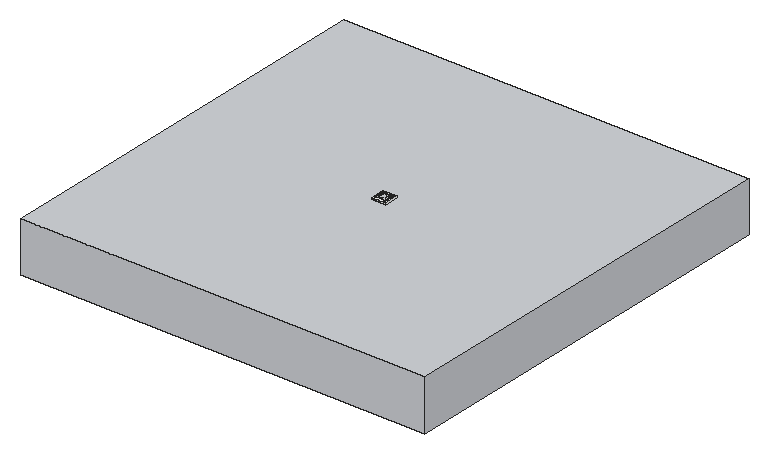
Revit family "Gira_2003600", category Elektroinstallationen, Revit 2017
Family settings
  Basisbauteil = Fläche
  Beschriftungsausrichtung beibehalten = Ja
  Bemaßung runder Anschluss = Durchmesser verwenden
  Teiletyp = Normal
  Beim Laden mit Abzugskörper schneiden = Nein
  Gemeinsam genutzt = Nein
  Raumberechnungspunkt = Nein
Parameters (values of type "Tastsens.2 3f 24 V pot.frei BSF System 55 Edelstahl")
  White [instance] = White
  Werkstoffgüte = "sonstige"
  Werkstoff Text = "sonstige"
  URL = "https://www.gira.de/"
  Typname = "Tastsens.2 3f 24 V pot.frei BSF System 55 Edelstahl"
  Type Comments = ""
  Transparent = no
  Schutzart (IP) = "IP20"
  Produktseite = "https://media.stage.bim.site/t/eyJhbGciOiJIUzI1NiIsInR5cCI6IkpXVCJ9.eyJjdCI6MiwidHUiOiJodHRwOi8va2F0YWxvZy5naXJhLmRlL2RlX0RFL2RhdGVuYmxhdHQuaHRtbD9hcnRpa2VsbnI9MjAwMzYwMCIsImNpZCI6IjMyNzdjYzIzLTgxYTktNGVlMy1hOTBhLWI0N2JiNGMwYjYxNiIsInJpZCI6IjNmZWYwZTBjZDQwOTBhZDU1Njc2YjQxZDA3YmJmNTViIiwicGlkIjoiYzM3NjY1ZTU4OGE0ZDFkNmI3MzJiNTE5NWUxMjMyNTAyYWM2NWRhOCIsInNpZCI6IjYzNDcwIiwidXQiOjEsImxjIjoiZGUiLCJpYXQiOjE2MDA5MjUyMDMsImlzcyI6Imh0dHBzOi8vYXBpLmxpdmUuYmltLnNpdGUiLCJzdWIiOiJhZG1pbkBiaW1zaXRlLmRldiJ9.TG2AH99ziPPKti1PMEpgJzhbK4j_dp3_gYhFNZSOchM"
  Oberfläche Text = "lackiert"
  Montageart = "Unterputz"
  Model = ""
  Default Elevation = 1219.2 mm
  Mit Raumthermostat = no
  Mit LED-Anzeige = yes
  Mit Infrarotsensor = no
  Mit Display = no
  Mit Diebstahl-/Demontageschutz = no
  Mit Busankopplung = no
  Mit Beschriftungsfeld = yes
  Kosten = 0
  Hersteller = "Gira"
  HeinzeBIM = "https://www.heinze.de/bim/tastsens-2-3f-24-v-pot-frei-bsf-system-55-edelstahl/c37665e588a4d1d6b732b5195e1232502ac65da8"
  HAN = "2003600"
  GTIN = "4010337020363"
  Farbe = "Edelstahl"
  Datenblatt 1 = "https://media.stage.bim.site/t/eyJhbGciOiJIUzI1NiIsInR5cCI6IkpXVCJ9.eyJjdCI6MSwidGYiOiJwdWJsaWMvZ2lyYS9hZThjNTU3LzIwMDM2MDAudHh0IiwiY2lkIjoiMzI3N2NjMjMtODFhOS00ZWUzLWE5MGEtYjQ3YmI0YzBiNjE2IiwicmlkIjoiM2ZlZjBlMGNkNDA5MGFkNTU2NzZiNDFkMDdiYmY1NWIiLCJwaWQiOiJjMzc2NjVlNTg4YTRkMWQ2YjczMmI1MTk1ZTEyMzI1MDJhYzY1ZGE4Iiwic2lkIjoiNjM0NzAiLCJ1dCI6MSwibGMiOiJkZSIsImlhdCI6MTYwMDkyNTIwMywiaXNzIjoiaHR0cHM6Ly9hcGkubGl2ZS5iaW0uc2l0ZSIsInN1YiI6ImFkbWluQGJpbXNpdGUuZGV2In0.N8eGvL3RsZE1-SzXjelwQ-GybZbZKQYGkvBFBfpFq_Y/2003600.txt"
  Datenblatt = "https://media.stage.bim.site/t/eyJhbGciOiJIUzI1NiIsInR5cCI6IkpXVCJ9.eyJjdCI6MSwidHUiOiJodHRwczovL2thdGFsb2cuZ2lyYS5kZS9kZV9ERS9kb3dubG9hZC5odG1sP2FydGlrZWxucj0yMDAzNjAwIiwiY2lkIjoiMzI3N2NjMjMtODFhOS00ZWUzLWE5MGEtYjQ3YmI0YzBiNjE2IiwicmlkIjoiM2ZlZjBlMGNkNDA5MGFkNTU2NzZiNDFkMDdiYmY1NWIiLCJwaWQiOiJjMzc2NjVlNTg4YTRkMWQ2YjczMmI1MTk1ZTEyMzI1MDJhYzY1ZGE4Iiwic2lkIjoiNjM0NzAiLCJ1dCI6MSwibGMiOiJkZSIsImlhdCI6MTYwMDkyNTIwMywiaXNzIjoiaHR0cHM6Ly9hcGkubGl2ZS5iaW0uc2l0ZSIsInN1YiI6ImFkbWluQGJpbXNpdGUuZGV2In0.NToP9IZdNaJWCablH_avdhgnISfHL7I6XkGuRAdU5A8"
  Bussystem Powernet = no
  Bussystem LON = no
  Bussystem KNX-Funk = no
  Bussystem KNX = yes
  Bussystem Funkbus = yes
  Beschreibung = "Tastsensor 2 3fach 24 V potenzialfrei mit Beschriftungsfeld  Edelstahl Merkmale: Tastsensor 2 zum Anschluss an 24 V Steuersysteme:  Drei Wippen mit je zwei roten LEDs zur Statusanzeige.  Demontageschutz durch Verschraubung.  Hintergrundbeleuchtung.  Anschluss von sechs Tastern, sechs LEDs und Hintergrundbeleuchtung über Klemmblock auf der Rückseite.  Hinweise :  Nur für SELV-Stromkreise geeignet.  Auch beleuchtet anschließbar.  Professionelle Beschriftung über den Gira Beschriftungsservice www.beschriftung.gira.de."
  Assembly Code = ""
  Keynote = ""
  BIMSITE_PRODUCT_ID = "c37665e588a4d1d6b732b5195e1232502ac65da8"
  BIM = "https://media.stage.bim.site/t/eyJhbGciOiJIUzI1NiIsInR5cCI6IkpXVCJ9.eyJjdCI6MSwidGYiOiJwdWJsaWMvZ2lyYS9hZThjNTU3L1N5czU1X0tvbXBsZXR0Z2Vyw6R0X1NjaGFsdGVuIHVuZCBUYXN0ZW4ucmZhIiwiY2lkIjoiMzI3N2NjMjMtODFhOS00ZWUzLWE5MGEtYjQ3YmI0YzBiNjE2IiwicmlkIjoiM2ZlZjBlMGNkNDA5MGFkNTU2NzZiNDFkMDdiYmY1NWIiLCJwaWQiOiJjMzc2NjVlNTg4YTRkMWQ2YjczMmI1MTk1ZTEyMzI1MDJhYzY1ZGE4Iiwic2lkIjoiNjM0NzAiLCJ1dCI6NSwibGMiOiJkZSIsImlhdCI6MTYwMDkyNTIwMywiaXNzIjoiaHR0cHM6Ly9hcGkubGl2ZS5iaW0uc2l0ZSIsInN1YiI6ImFkbWluQGJpbXNpdGUuZGV2In0.ZRcRI4ZwQKYw_kXwdg5Oo3-lubcX-xFJcG8mUaggw3g/Sys55_Komplettgerät_Schalten und Tasten.rfa"
  Ausführung der Oberfläche = "nicht zutreffend"
  Anzahl der Tasten = 3
  Anzahl der Betätigungspunkte = 6
  Andere Bussysteme = "ohne"
Reference planes
  plane 1 "Center (Front/Back)": y = 0
  plane 2: z = 0
  plane 3 "Center (Left/Right)": x = 0
Forms (mm)
  Extrusion 1, solid
    sketch origin (0, 0, 0) x (1, 0, 0) y (0, 1, 0)
      loop
        line (-1219.2, 1219.2) -> (-1219.2, -1219.2) -> (1219.2, -1219.2) -> (1219.2, 1219.2) -> (-1219.2, 1219.2)
    from 0 to -304.8
  Extrusion 2, solid, material "White" <- "White", detail levels medium
    sketch origin (0, 0, 0) x (1, 0, 0) y (0, 1, 0)
      loop
        line (-40.4, 40.4) -> (-40.4, -40.4) -> (40.4, -40.4) -> (40.4, 40.4) -> (-40.4, 40.4)
      loop
        line (-28, 28) -> (-28, -28) -> (28, -28) -> (28, 28) -> (-28, 28)
    from 0 to 10
  Extrusion 3, solid, material "White" <- "White", detail levels fine
    sketch origin (0, 0, 0) x (1, 0, 0) y (0, 1, 0)
      loop
        line (-40.4, 40.4) -> (-40.4, -40.4) -> (40.4, -40.4) -> (40.4, 40.4) -> (-40.4, 40.4)
      loop
        line (-28, 28) -> (-28, -28) -> (28, -28) -> (28, 28) -> (-28, 28)
    from 0 to 10
  Extrusion 4, void
    sketch origin (0, 0, 0) x (1, 0, 0) y (0, 1, 0)
      loop
        line (-38.4, 38.4) -> (-38.4, -38.4) -> (38.4, -38.4) -> (38.4, 38.4) -> (-38.4, 38.4)
    from 0 to 8
  Extrusion 5, solid, material "White" <- "White", detail levels medium+fine
    sketch origin (0, 0, 0) x (1, 0, 0) y (0, 1, 0)
      loop
        line (-39.4, 39.4) -> (-39.4, -39.4) -> (39.4, -39.4) -> (39.4, 39.4) -> (-39.4, 39.4)
    from 0 to -1
  Extrusion 6, solid, material "White" <- "White", detail levels medium+fine
    sketch origin (0, 0, 0) x (1, 0, 0) y (0, 1, 0)
      loop
        line (-35.5, 35.5) -> (-35.5, -35.5) -> (35.5, -35.5) -> (35.5, 35.5) -> (-35.5, 35.5)
    from -2 to -3
  Extrusion 7, solid, material "White" <- "White", detail levels medium+fine
    sketch origin (0, 0, 0) x (1, 0, 0) y (0, 1, 0)
      loop
        circle (0, 0) r 26
    from 0 to -27.5
  Extrusion 8, solid, material "White" <- "White", detail levels coarse
    sketch origin (0, 0, 0) x (1, 0, 0) y (0, 1, 0)
      loop
        line (-40.4, 40.4) -> (-40.4, -40.4) -> (40.4, -40.4) -> (40.4, 40.4) -> (-40.4, 40.4)
    from -27.5 to 10
Cuts and joins
  Extrusion 4 cuts Extrusion 3
Dimensions and locks
  aligned and locked: plane 2 to Extrusion 1
  aligned and locked: level to Extrusion 1
  aligned and locked: plane 3 "Center (Left/Right)" to nested 2
  aligned and locked: plane 1 "Center (Front/Back)" to nested 2
Nested families
  nested 1: "Sys55_Abdeckung_Schalten und Tasten_floor_base" at (0, 0, 0), type "Sys55_Abdeckung_Schalten und Tasten_floor_base"
  nested 2: "Schalter" at (0, 0, 0), type "Schalter"
Connectors
  electrical at (0, 0, -27.5)
    settings: on Extrusion 7, index 1, voltage 220 V, apparent load 0 VA, apparent load phase1 0 VA, apparent load phase2 0 VA, apparent load phase3 0 VA, power factor 1, load classification "Other", number of poles 1, system type 30, power factor state 1, is connector primary yes, connector utility no, sub classification motor no, connector description ""
Definition of nested family "Sys55_Abdeckung_Schalten und Tasten_floor_base"
  Parameters
    Default Elevation = 1219.2 mm
    White [instance] = none
  Reference planes
    plane 1 "Center (Front/Back)": y = 0
    plane 2: z = 0
    plane 3 "Center (Left/Right)": x = 0
  Forms (mm)
    Extrusion 1, solid
      sketch origin (0, 0, 0) x (1, 0, 0) y (0, 1, 0)
        loop
          line (-1219.2, 1219.2) -> (-1219.2, -1219.2) -> (1219.2, -1219.2) -> (1219.2, 1219.2) -> (-1219.2, 1219.2)
      from 0 to -304.8
    Extrusion 2, solid, material <- "White", detail levels fine
      sketch origin (0, 0, 0) x (1, 0, 0) y (0, 1, 0)
        loop
          line (-27.5, 27.5) -> (-27.5, -27.5) -> (27.5, -27.5) -> (27.5, 27.5) -> (-27.5, 27.5)
      from 0 to 8
    Extrusion 3, void
      sketch origin (0, 0, 0) x (1, 0, 0) y (0, 1, 0)
        loop
          line (26, 26) -> (-26, 26) -> (-26, -26) -> (26, -26) -> (26, 26)
      from 0 to 6
    Extrusion 4, solid, material <- "White", detail levels medium
      sketch origin (0, 0, 0) x (1, 0, 0) y (0, 1, 0)
        loop
          line (-27.5, 27.5) -> (-27.5, -27.5) -> (27.5, -27.5) -> (27.5, 27.5) -> (-27.5, 27.5)
      from 0 to 8
    Extrusion 5, solid, material <- "White", detail levels medium
      sketch origin (0, 0, 0) x (1, 0, 0) y (0, 1, 0)
        loop
          line (11, -17.5) -> (11, 17.5) -> (-11, 17.5) -> (-11, -17.5) -> (11, -17.5)
      from -6 to 6
    Extrusion 6, solid, material <- "White", detail levels fine
      sketch origin (0, 0, 0) x (1, 0, 0) y (0, 1, 0)
        loop
          line (11, 17.5) -> (-11, 17.5) -> (-11, 16.5) -> (11, 16.5) -> (11, 17.5)
        loop
          line (-11, -16.5) -> (-11, -17.5) -> (11, -17.5) -> (11, -16.5) -> (-11, -16.5)
      from -4 to 6
    Extrusion 7, solid, material <- "White", detail levels fine
      sketch origin (0, 0, 0) x (1, 0, 0) y (0, 1, 0)
        loop
          arc (5, 9.347) -> (0, 10.6) -> (-5, 9.347) r 10.6
          line (-5, 9.347) -> (-5, -9.347)
          arc (-5, -9.347) -> (0, -10.6) -> (5, -9.347) r 10.6
          line (5, -9.347) -> (5, 9.347)
      from -6 to 6
    Extrusion 8, solid, material <- "White", detail levels coarse
      sketch origin (0, 0, 0) x (1, 0, 0) y (0, 1, 0)
        loop
          line (-27.5, 27.5) -> (-27.5, -27.5) -> (27.5, -27.5) -> (27.5, 27.5) -> (-27.5, 27.5)
      from -6 to 8
  Cuts and joins
    Extrusion 3 cuts Extrusion 2
  Dimensions and locks
    aligned and locked: plane 2 to Extrusion 1
    aligned and locked: level to Extrusion 1
Definition of nested family "Schalter"
  Reference planes
    plane 1: y = 0
    plane 2: x = 0
  Lines and regions (mm)
    detail lines
      curve 1: circle (1.375, 2.778, 0) r 0.8 normal (0, 0, 1)
      curve 2: line (1.021, 2.061, 0) -> (0, 0, 0)
      curve 3: line (0, 0, 0) -> (-0.538, 0.266, 0)
  Dimensions and locks
    curve 2 to curve 2 = 2.3 mm
    curve 3 to curve 2 = 0.6 mm
    radius of curve 1 = 0.8 mm
